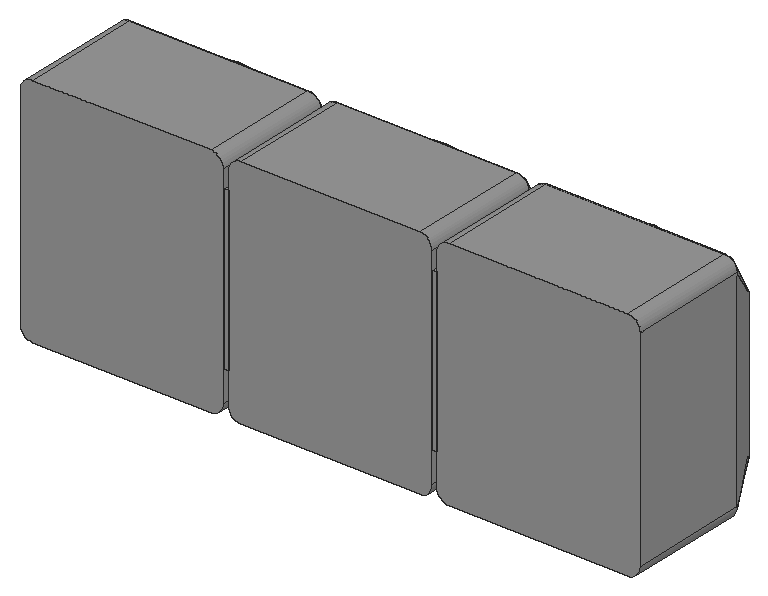
Revit family "IEK_РозеткаСетевая_ОткрытойУстановки_C ЗК с КР 16А трехместная IP54_ГЕРМЕС PLUS", category Электрические приборы, Revit 2019
Family settings
  Сохранять ориентацию аннотаций = Да
  Размер круглого соединителя = Использовать диаметр
  Тип детали = Нормальный
  На основе рабочей плоскости = Нет
  Всегда вертикально = Да
  При загрузке вырезать с полостями = Нет
  Общий = Нет
  Точка расчета площади = Нет
Parameters (values of type "РСб23-3-ГПБб")
  Ширина = 215 mm  # constant formula
  Тип монтажа = "Поверхность монтажа (открытая установка)"  # constant formula
  Степень защиты = "IP54"  # constant formula
  Материал крышки = Цвет белый
  Изготовитель = "IEK"  # constant formula
  Дата изменения = ""
  Глубина = 52 mm  # constant formula
  Высота = 72 mm  # constant formula
  ΔХ [instance] = 2000 mm
  ΔY [instance] = 2000 mm
  KSI_CPr_Строительные изделия = "20.4.03.04 20.4.03.05 20.4.03.06"  # constant formula
  KSI_CMa_Строительные материалы = "01.7.14.03"  # constant formula
  IEK_Цена за единицу = 969.94  # constant formula
  IEK_Поиск в таблице имен = ""
  IEK_Описание = "Изделия серии \"ГЕРМЕС PLUS\" используются в помещениях с повышенной влажностью или запыленностью, а также под навесом на открытом воздухе."
  IEK_URL = "https://www.iek.ru/products/catalog/izdeliya_elektroustanovochnye_udliniteli_i_silovye_razemy/elektroustanovochnye_izdeliya/elektroustanovochnye_izdeliya_otkrytogo_montazha_ip44_ip54/elektroustanovochnye_izdeliya_germes_plus/rozetka_3_mestnaya_dlya_otkrytoy_ustanovki_rsb23_3_gpbb_s_zazemlyayushchim_kontaktom_ip54_germes_plus_belyy_iek"
  ADSK_Ток [instance] = 16 A  # constant formula
  ADSK_Примечание = ""
  ADSK_Полная мощность [instance] = ADSK_Номинальная мощность / ADSK_Коэффициент мощности  # 3520 VA
  ADSK_Позиция [instance] = ""
  ADSK_Номинальная мощность [instance] = ADSK_Ток * ADSK_Напряжение * sqrt(ADSK_Количество фаз числовое) * ADSK_Коэффициент мощности  # 3520 W
  ADSK_Напряжение = 220 V
  ADSK_Наименование = "Розетка 3-местная для открытой установки РСб23-3-ГПБб с заземляющим контактом IP54 ГЕРМЕС PLUS белый IEK"
  ADSK_Материал обозначение = ""
  ADSK_Материал наименование = "Пластик"  # constant formula
  ADSK_Материал = Цвет белый
  ADSK_Масса = 0.4  # constant formula
  ADSK_Марка = "ГЕРМЕС PLUS"  # constant formula
  ADSK_Коэффициент мощности [instance] = 1  # constant formula
  ADSK_Количество фаз числовое = 1
  ADSK_Количество фаз = 1
  ADSK_Код изделия = "ERMP32-K01-16-54-EC"
  ADSK_Классификация нагрузок [instance] = Прочее
  ADSK_Завод-изготовитель = "IEK"  # constant formula
  ADSK_Единица измерения = "шт"  # constant formula
  ADSK_Группирование = "III ЭЛЕКТРОУСТАНОВОЧНЫЕ И ЭЛЕКТРОМОНТАЖНЫЕ ИЗДЕЛИЯ"  # constant formula
  ADSK_Версия семейства = "1.0"  # constant formula
  ADSK_Версия Revit = "2019"  # constant formula
  ADSK_URL страницы изделия = "https://www.iek.ru/products/catalog/izdeliya_elektroustanovochnye_udliniteli_i_silovye_razemy/elektroustanovochnye_izdeliya/elektroustanovochnye_izdeliya_otkrytogo_montazha_ip44_ip54/elektroustanovochnye_izdeliya_germes_plus/?pagec=100"
Types (3, lengths in mm): name | Материал крышки | IEK_URL | ADSK_Наименование | ADSK_Код изделия
  (no name) | Цвет белый | "https://www.iek.ru/products/catalog/izdeliya_elektroustanovochnye_udliniteli_i_silovye_razemy/elektroustanovochnye_izdeliya/elektroustanovochnye_izdeliya_otkrytogo_montazha_ip44_ip54/elektroustanovochnye_izdeliya_germes_plus/rozetka_3_mestnaya_dlya_otkrytoy_ustanovki_rsb23_3_gpbb_s_zazemlyayushchim_kontaktom_ip54_germes_plus_belyy_iek" | "Розетка 3-местная для открытой установки РСб23-3-ГПБб с заземляющим контактом IP54 ГЕРМЕС PLUS белый IEK" | "ERMP32-K01-16-54-EC"
  РСб23-3-ГПБб | Цвет белый | "https://www.iek.ru/products/catalog/izdeliya_elektroustanovochnye_udliniteli_i_silovye_razemy/elektroustanovochnye_izdeliya/elektroustanovochnye_izdeliya_otkrytogo_montazha_ip44_ip54/elektroustanovochnye_izdeliya_germes_plus/rozetka_3_mestnaya_dlya_otkrytoy_ustanovki_rsb23_3_gpbb_s_zazemlyayushchim_kontaktom_ip54_germes_plus_belyy_iek" | "Розетка 3-местная для открытой установки РСб23-3-ГПБб с заземляющим контактом IP54 ГЕРМЕС PLUS белый IEK" | "ERMP32-K01-16-54-EC"
  РСб23-3-ГПБд | Цвет дымчатый | "https://www.iek.ru/products/catalog/izdeliya_elektroustanovochnye_udliniteli_i_silovye_razemy/elektroustanovochnye_izdeliya/elektroustanovochnye_izdeliya_otkrytogo_montazha_ip44_ip54/elektroustanovochnye_izdeliya_germes_plus/rozetka_3_mestnaya_dlya_otkrytoy_ustanovki_rsb23_3_gpbd_s_zazemlyayushchim_kontaktom_ip54_germes_plus_tsvet_kryshki_dymchatyy_iek" | "Розетка 3-местная для открытой установки РСб23-3-ГПБд с заземляющим контактом IP54 ГЕРМЕС PLUS (цвет крышки: дымчатый) IEK" | "ERMP32-K03-16-54-EC"
Reference planes
  plane 1 "По центру (Вперед/Назад)": y = 0
  plane 2: z = 0
  plane 3 "По центру (Влево/Вправо)": x = 0
  plane 4 "Высота ножек": z = 280
  plane 5 "Высота": z = 2081.496
  plane 6: x = -2000
  plane 7: y = 2000
Forms (mm)
  Extrusion 1, void
    sketch origin (0, 0, 37.5) x (1, 0, 0) y (0, 0, -1)
      loop
        arc (-16.762, -9.964) -> (-0.012, -19.5) -> (16.75, -9.984) r 19.5
        line (16.75, -9.984) -> (16.75, -2.25) -> (19.37, -2.25)
        arc (19.37, -2.25) -> (19.5, 0) -> (19.37, 2.25) r 19.5
        line (19.37, 2.25) -> (16.75, 2.25) -> (16.75, 9.984)
        arc (16.75, 9.984) -> (0, 19.5) -> (-16.75, 9.984) r 19.5
        line (-16.75, 9.984) -> (-16.75, 2.25) -> (-19.37, 2.25)
        arc (-19.37, 2.25) -> (-19.5, 0) -> (-19.37, -2.25) r 19.5
        line (-19.37, -2.25) -> (-16.75, -2.25) -> (-16.762, -9.964)
    from 26.4 to 46.099
  Extrusion 2, void
    sketch origin (0, 0, 37.5) x (1, 0, 0) y (0, 0, -1)
      loop
        circle (-9.525, 0) r 2.758
      loop
        circle (9.525, 0) r 2.758
    from 26.4 to 5.7
  Extrusion 3, solid, material "Цвет белый" <- "ADSK_Материал", detail levels fine
    sketch origin (0, 0, 37.5) x (1, 0, 0) y (0, 0, -1)
      loop
        line (-32.5, 33.5) -> (-32.5, -33.45)
        arc (-32.5, -33.45) -> (-31.314, -36.314) -> (-28.45, -37.5) r 4.05
        line (-28.45, -37.5) -> (28.5, -37.5)
        arc (28.5, -37.5) -> (31.328, -36.328) -> (32.5, -33.5) r 4
        line (32.5, -33.5) -> (32.5, 33.5)
        arc (32.5, 33.5) -> (31.328, 36.328) -> (28.5, 37.5) r 4
        line (28.5, 37.5) -> (-28.5, 37.5)
        arc (-28.5, 37.5) -> (-31.328, 36.328) -> (-32.5, 33.5) r 4
    from 0 to 38.682
  Blend 4, solid, material "Цвет белый" <- "ADSK_Материал", detail levels fine
    base sketch origin (0, 0, 37.5) x (1, 0, 0) y (0, 0, -1)
      loop
        line (-32.5, 33.5) -> (-32.5, -33.5)
        arc (-32.5, -33.5) -> (-31.328, -36.328) -> (-28.5, -37.5) r 4
        line (-28.5, -37.5) -> (28.5, -37.5)
        arc (28.5, -37.5) -> (31.328, -36.328) -> (32.5, -33.5) r 4
        line (32.5, -33.5) -> (32.5, 33.5)
        arc (32.5, 33.5) -> (31.328, 36.328) -> (28.5, 37.5) r 4
        line (28.5, 37.5) -> (-28.5, 37.5)
        arc (-28.5, 37.5) -> (-31.328, 36.328) -> (-32.5, 33.5) r 4
    top sketch origin (0, 0, 37.5) x (1, 0, 0) y (0, 0, -1)
      loop
        line (-30.1, 23.034) -> (-30.1, -24.041)
        arc (-30.1, -24.041) -> (-29.819, -24.719) -> (-29.141, -25) r 0.959
        line (-29.141, -25) -> (29.141, -25)
        arc (29.141, -25) -> (29.819, -24.719) -> (30.1, -24.041) r 0.959
        line (30.1, -24.041) -> (30.1, 23.034)
        arc (30.1, 23.034) -> (29.819, 23.712) -> (29.141, 23.993) r 0.959
        line (29.141, 23.993) -> (-29.141, 23.993)
        arc (-29.141, 23.993) -> (-29.819, 23.712) -> (-30.1, 23.034) r 0.959
    from 38.682 to 46.099
  Extrusion 5, void
    sketch origin (0, 0, 39.041) x (1, 0, 0) y (0, 0, -1)
      loop
        arc (-28.5, -24.189) -> (-27.914, -25.603) -> (-26.5, -26.189) r 2
        line (-26.5, -26.189) -> (26.5, -26.189)
        arc (26.5, -26.189) -> (27.914, -25.603) -> (28.5, -24.189) r 2
        line (28.5, -24.189) -> (28.5, 37.041)
        arc (28.5, 37.041) -> (27.914, 38.456) -> (26.5, 39.041) r 2
        line (26.5, 39.041) -> (-26.5, 39.041)
        arc (-26.5, 39.041) -> (-27.914, 38.456) -> (-28.5, 37.041) r 2
        line (-28.5, 37.041) -> (-28.5, -24.189)
      loop
        line (5, 26.541) -> (-5, 26.541) -> (-15.069, 16.168)
        arc (-15.069, 16.168) -> (-21, 1.541) -> (-15.069, -13.085) r 21
        line (-15.069, -13.085) -> (-5, -23.459) -> (5, -23.459) -> (15.069, -13.085)
        arc (15.069, -13.085) -> (21, 1.541) -> (15.069, 16.168) r 21
        line (15.069, 16.168) -> (5, 26.541)
    from 38.682 to 46.099
  Extrusion 6, void
    sketch origin (0, 0, 37.5) x (1, 0, 0) y (0, 0, -1)
      loop
        line (-22.764, -27) -> (-14.278, -27)
        arc (-14.278, -27) -> (0, -32.5) -> (14.278, -27) r 21.282
        line (14.278, -27) -> (22.764, -27) -> (22.764, 26.4) -> (-22.764, 26.4) -> (-22.764, -27)
    from 43.6 to 46.099
  Extrusion 7, solid, material "Цвет белый" <- "Материал крышки", detail levels fine
    sketch origin (0, 0, 37.5) x (0, 0, -1) y (0, 1, 0)
      loop
        line (23.993, 46.099) -> (-27, 46.099) -> (-27, 45.121) -> (23.993, 45.121) -> (35.72, 38.682) -> (37.5, 38.682) -> (23.993, 46.099)
    from -28 to 28
  Extrusion 8, solid, material "Цвет белый" <- "Материал крышки", detail levels fine
    sketch origin (0, 0, 37.5) x (1, 0, 0) y (0, 0, -1)
      loop
        arc (-14.278, -27) -> (0, -32.5) -> (14.278, -27) r 21.282
        line (14.278, -27) -> (-14.278, -27)
    from 45.121 to 46.099
  Blend 9, solid, material "Цвет белый" <- "ADSK_Материал", detail levels fine
    base sketch origin (66.5, 0, 37.5) x (1, 0, 0) y (0, 0, -1)
      loop
        line (-32.5, 33.5) -> (-32.5, -33.5)
        arc (-32.5, -33.5) -> (-31.328, -36.328) -> (-28.5, -37.5) r 4
        line (-28.5, -37.5) -> (28.5, -37.5)
        arc (28.5, -37.5) -> (31.328, -36.328) -> (32.5, -33.5) r 4
        line (32.5, -33.5) -> (32.5, 33.5)
        arc (32.5, 33.5) -> (31.328, 36.328) -> (28.5, 37.5) r 4
        line (28.5, 37.5) -> (-28.5, 37.5)
        arc (-28.5, 37.5) -> (-31.328, 36.328) -> (-32.5, 33.5) r 4
    top sketch origin (66.5, 0, 37.5) x (1, 0, 0) y (0, 0, -1)
      loop
        line (-30.1, 23.034) -> (-30.1, -24.041)
        arc (-30.1, -24.041) -> (-29.819, -24.719) -> (-29.141, -25) r 0.959
        line (-29.141, -25) -> (29.141, -25)
        arc (29.141, -25) -> (29.819, -24.719) -> (30.1, -24.041) r 0.959
        line (30.1, -24.041) -> (30.1, 23.034)
        arc (30.1, 23.034) -> (29.819, 23.712) -> (29.141, 23.993) r 0.959
        line (29.141, 23.993) -> (-29.141, 23.993)
        arc (-29.141, 23.993) -> (-29.819, 23.712) -> (-30.1, 23.034) r 0.959
    from 38.682 to 46.099
  Extrusion 10, solid, material "Цвет белый" <- "ADSK_Материал", detail levels fine
    sketch origin (-66.5, 0, 37.5) x (1, 0, 0) y (0, 0, -1)
      loop
        line (-32.5, 33.5) -> (-32.5, -33.45)
        arc (-32.5, -33.45) -> (-31.314, -36.314) -> (-28.45, -37.5) r 4.05
        line (-28.45, -37.5) -> (28.5, -37.5)
        arc (28.5, -37.5) -> (31.328, -36.328) -> (32.5, -33.5) r 4
        line (32.5, -33.5) -> (32.5, 33.5)
        arc (32.5, 33.5) -> (31.328, 36.328) -> (28.5, 37.5) r 4
        line (28.5, 37.5) -> (-28.5, 37.5)
        arc (-28.5, 37.5) -> (-31.328, 36.328) -> (-32.5, 33.5) r 4
    from 0 to 38.682
  Blend 11, solid, material "Цвет белый" <- "ADSK_Материал", detail levels fine
    base sketch origin (-66.5, 0, 37.5) x (1, 0, 0) y (0, 0, -1)
      loop
        line (-32.5, 33.5) -> (-32.5, -33.5)
        arc (-32.5, -33.5) -> (-31.328, -36.328) -> (-28.5, -37.5) r 4
        line (-28.5, -37.5) -> (28.5, -37.5)
        arc (28.5, -37.5) -> (31.328, -36.328) -> (32.5, -33.5) r 4
        line (32.5, -33.5) -> (32.5, 33.5)
        arc (32.5, 33.5) -> (31.328, 36.328) -> (28.5, 37.5) r 4
        line (28.5, 37.5) -> (-28.5, 37.5)
        arc (-28.5, 37.5) -> (-31.328, 36.328) -> (-32.5, 33.5) r 4
    top sketch origin (-66.5, 0, 37.5) x (1, 0, 0) y (0, 0, -1)
      loop
        line (-30.1, 23.034) -> (-30.1, -24.041)
        arc (-30.1, -24.041) -> (-29.819, -24.719) -> (-29.141, -25) r 0.959
        line (-29.141, -25) -> (29.141, -25)
        arc (29.141, -25) -> (29.819, -24.719) -> (30.1, -24.041) r 0.959
        line (30.1, -24.041) -> (30.1, 23.034)
        arc (30.1, 23.034) -> (29.819, 23.712) -> (29.141, 23.993) r 0.959
        line (29.141, 23.993) -> (-29.141, 23.993)
        arc (-29.141, 23.993) -> (-29.819, 23.712) -> (-30.1, 23.034) r 0.959
    from 38.682 to 46.099
  Extrusion 12, solid, material "Цвет белый" <- "ADSK_Материал", detail levels fine
    sketch origin (66.5, 0, 37.5) x (1, 0, 0) y (0, 0, -1)
      loop
        line (-32.5, 33.5) -> (-32.5, -33.45)
        arc (-32.5, -33.45) -> (-31.314, -36.314) -> (-28.45, -37.5) r 4.05
        line (-28.45, -37.5) -> (28.5, -37.5)
        arc (28.5, -37.5) -> (31.328, -36.328) -> (32.5, -33.5) r 4
        line (32.5, -33.5) -> (32.5, 33.5)
        arc (32.5, 33.5) -> (31.328, 36.328) -> (28.5, 37.5) r 4
        line (28.5, 37.5) -> (-28.5, 37.5)
        arc (-28.5, 37.5) -> (-31.328, 36.328) -> (-32.5, 33.5) r 4
    from 0 to 38.682
  Extrusion 13, void
    sketch origin (66.524, 0, 37.5) x (1, 0, 0) y (0, 0, -1)
      loop
        arc (-16.762, -9.964) -> (-0.012, -19.5) -> (16.75, -9.984) r 19.5
        line (16.75, -9.984) -> (16.75, -2.25) -> (19.37, -2.25)
        arc (19.37, -2.25) -> (19.5, 0) -> (19.37, 2.25) r 19.5
        line (19.37, 2.25) -> (16.75, 2.25) -> (16.75, 9.984)
        arc (16.75, 9.984) -> (0, 19.5) -> (-16.75, 9.984) r 19.5
        line (-16.75, 9.984) -> (-16.75, 2.25) -> (-19.37, 2.25)
        arc (-19.37, 2.25) -> (-19.5, 0) -> (-19.37, -2.25) r 19.5
        line (-19.37, -2.25) -> (-16.75, -2.25) -> (-16.762, -9.964)
    from 26.4 to 46.099
  Extrusion 14, void
    sketch origin (66.524, 0, 37.5) x (1, 0, 0) y (0, 0, -1)
      loop
        circle (-9.525, 0) r 2.758
      loop
        circle (9.525, 0) r 2.758
    from 26.4 to 5.7
  Extrusion 15, void
    sketch origin (-66.5, 0, 37.5) x (1, 0, 0) y (0, 0, -1)
      loop
        arc (-16.762, -9.964) -> (-0.012, -19.5) -> (16.75, -9.984) r 19.5
        line (16.75, -9.984) -> (16.75, -2.25) -> (19.37, -2.25)
        arc (19.37, -2.25) -> (19.5, 0) -> (19.37, 2.25) r 19.5
        line (19.37, 2.25) -> (16.75, 2.25) -> (16.75, 9.984)
        arc (16.75, 9.984) -> (0, 19.5) -> (-16.75, 9.984) r 19.5
        line (-16.75, 9.984) -> (-16.75, 2.25) -> (-19.37, 2.25)
        arc (-19.37, 2.25) -> (-19.5, 0) -> (-19.37, -2.25) r 19.5
        line (-19.37, -2.25) -> (-16.75, -2.25) -> (-16.762, -9.964)
    from 26.4 to 46.099
  Extrusion 16, void
    sketch origin (-66.5, 0, 37.5) x (1, 0, 0) y (0, 0, -1)
      loop
        circle (-9.525, 0) r 2.758
      loop
        circle (9.525, 0) r 2.758
    from 26.4 to 5.7
  Extrusion 17, void
    sketch origin (66.5, 0, 39.041) x (1, 0, 0) y (0, 0, -1)
      loop
        arc (-28.5, -24.189) -> (-27.914, -25.603) -> (-26.5, -26.189) r 2
        line (-26.5, -26.189) -> (26.5, -26.189)
        arc (26.5, -26.189) -> (27.914, -25.603) -> (28.5, -24.189) r 2
        line (28.5, -24.189) -> (28.5, 37.041)
        arc (28.5, 37.041) -> (27.914, 38.456) -> (26.5, 39.041) r 2
        line (26.5, 39.041) -> (-26.5, 39.041)
        arc (-26.5, 39.041) -> (-27.914, 38.456) -> (-28.5, 37.041) r 2
        line (-28.5, 37.041) -> (-28.5, -24.189)
      loop
        line (5, 26.541) -> (-5, 26.541) -> (-15.069, 16.168)
        arc (-15.069, 16.168) -> (-21, 1.541) -> (-15.069, -13.085) r 21
        line (-15.069, -13.085) -> (-5, -23.459) -> (5, -23.459) -> (15.069, -13.085)
        arc (15.069, -13.085) -> (21, 1.541) -> (15.069, 16.168) r 21
        line (15.069, 16.168) -> (5, 26.541)
    from 38.682 to 46.099
  Extrusion 18, void
    sketch origin (-66.5, 0, 39.041) x (1, 0, 0) y (0, 0, -1)
      loop
        arc (-28.5, -24.189) -> (-27.914, -25.603) -> (-26.5, -26.189) r 2
        line (-26.5, -26.189) -> (26.5, -26.189)
        arc (26.5, -26.189) -> (27.914, -25.603) -> (28.5, -24.189) r 2
        line (28.5, -24.189) -> (28.5, 37.041)
        arc (28.5, 37.041) -> (27.914, 38.456) -> (26.5, 39.041) r 2
        line (26.5, 39.041) -> (-26.5, 39.041)
        arc (-26.5, 39.041) -> (-27.914, 38.456) -> (-28.5, 37.041) r 2
        line (-28.5, 37.041) -> (-28.5, -24.189)
      loop
        line (5, 26.541) -> (-5, 26.541) -> (-15.069, 16.168)
        arc (-15.069, 16.168) -> (-21, 1.541) -> (-15.069, -13.085) r 21
        line (-15.069, -13.085) -> (-5, -23.459) -> (5, -23.459) -> (15.069, -13.085)
        arc (15.069, -13.085) -> (21, 1.541) -> (15.069, 16.168) r 21
        line (15.069, 16.168) -> (5, 26.541)
    from 38.682 to 46.099
  Extrusion 19, void
    sketch origin (-66.5, 0, 37.5) x (1, 0, 0) y (0, 0, -1)
      loop
        line (-22.764, -27) -> (-14.278, -27)
        arc (-14.278, -27) -> (0, -32.5) -> (14.278, -27) r 21.282
        line (14.278, -27) -> (22.764, -27) -> (22.764, 26.4) -> (-22.764, 26.4) -> (-22.764, -27)
    from 43.6 to 46.099
  Extrusion 20, void
    sketch origin (66.5, 0, 37.5) x (-1, 0, 0) y (0, 0, 1)
      loop
        line (-22.764, 27) -> (-22.764, -26.4) -> (22.764, -26.4) -> (22.764, 27) -> (14.278, 27)
        arc (14.278, 27) -> (0, 32.5) -> (-14.278, 27) r 21.282
        line (-14.278, 27) -> (-22.764, 27)
    from 43.6 to 46.099
  Extrusion 21, solid, material "Цвет белый" <- "Материал крышки", detail levels fine
    sketch origin (66.5, 0, 37.5) x (0, 0, -1) y (0, 1, 0)
      loop
        line (23.993, 46.099) -> (-27, 46.099) -> (-27, 45.121) -> (23.993, 45.121) -> (35.72, 38.682) -> (37.5, 38.682) -> (23.993, 46.099)
    from -28 to 28
  Extrusion 22, solid, material "Цвет белый" <- "Материал крышки", detail levels fine
    sketch origin (66.5, 0, 37.5) x (1, 0, 0) y (0, 0, -1)
      loop
        arc (-14.278, -27) -> (0, -32.5) -> (14.278, -27) r 21.282
        line (14.278, -27) -> (-14.278, -27)
    from 45.121 to 46.099
  Extrusion 23, solid, material "Цвет белый" <- "Материал крышки", detail levels fine
    sketch origin (-66.5, 0, 37.5) x (0, 0, -1) y (0, 1, 0)
      loop
        line (23.993, 46.099) -> (-27, 46.099) -> (-27, 45.121) -> (23.993, 45.121) -> (35.72, 38.682) -> (37.5, 38.682) -> (23.993, 46.099)
    from -28 to 28
  Extrusion 24, solid, material "Цвет белый" <- "Материал крышки", detail levels fine
    sketch origin (-66.5, 0, 37.5) x (1, 0, 0) y (0, 0, -1)
      loop
        arc (-14.278, -27) -> (0, -32.5) -> (14.278, -27) r 21.282
        line (14.278, -27) -> (-14.278, -27)
    from 45.121 to 46.099
  Extrusion 25, solid, material "Цвет белый" <- "ADSK_Материал", detail levels fine
    sketch origin (0, 0, 37.5) x (1, 0, 0) y (0, 0, -1)
      loop
        line (-34, 23.556) -> (-34, -27.975) -> (-32.5, -27.975) -> (-32.5, 23.556) -> (-34, 23.556)
    from 0 to 15
  Extrusion 26, solid, material "Цвет белый" <- "ADSK_Материал", detail levels fine
    sketch origin (0, 0, 37.5) x (-1, 0, 0) y (0, 0, 1)
      loop
        line (-34, -23.556) -> (-32.5, -23.556) -> (-32.5, 27.975) -> (-34, 27.975) -> (-34, -23.556)
    from 0 to 15
  Extrusion 27, solid, detail levels coarse
    sketch origin (0, 0, 0) x (1, 0, 0) y (0, 1, 0)
      loop
        line (-99, 0) -> (99, 0) -> (99, 46.099) -> (-99, 46.099) -> (-99, 0)
    from 0 to 75
  Extrusion 28, solid, detail levels medium
    sketch origin (0, 0, 0) x (1, 0, 0) y (0, 1, 0)
      loop
        line (-99, 46.099) -> (-99, 0) -> (99, 0) -> (99, 46.099) -> (-99, 46.099)
    from 0 to 75
Cuts and joins
  Extrusion 15, Extrusion 18, Extrusion 19 cuts Blend 11
  Extrusion 15, Extrusion 16 cuts Extrusion 10
  Extrusion 1, Extrusion 5, Extrusion 6 cuts Blend 4
  Extrusion 13, Extrusion 17, Extrusion 20 cuts Blend 9
  Extrusion 1, Extrusion 2 cuts Extrusion 3
  Extrusion 13, Extrusion 14 cuts Extrusion 12
Lines and regions (mm)
  reference lines
    curve 1: line (0, 44.647, 0) -> (0, -55.353, 0)
    curve 2: line (-23.829, 0, 0) -> (76.171, 0, 0)
Dimensions and locks
  locked: plane 4 "Высота ножек" to plane 2 at 280
  plane 5 "Высота" to plane 4 "Высота ножек" = 1801.496 mm
  "ΔХ": plane 6 to curve 1
  "ΔY": plane 7 to curve 2
  aligned and locked: level to plane 2
  aligned and locked: nested 1 to curve 1
  aligned and locked: curve 2 to nested 1
Automatic sketch dimensions
  Extrusion 1 sketch curve to Extrusion 1 sketch curve = 0 mm  (x14)
  Extrusion 1 sketch curve to plane 3 "По центру (Влево/Вправо)" = 0 mm
  Extrusion 1 sketch curve to plane 3 "По центру (Влево/Вправо)" = 16.75 mm
  Extrusion 1 sketch curve to Extrusion 1 sketch curve = 2.62 mm  (x4)
  plane 3 "По центру (Влево/Вправо)" to Extrusion 1 sketch curve = 16.75 mm
  level to Extrusion 1 sketch curve = 47.484 mm
  Extrusion 1 sketch curve to Extrusion 1 sketch curve = 7.734 mm  (x3)
  Extrusion 1 sketch curve to Extrusion 1 sketch curve = 2.25 mm
  Extrusion 1 sketch curve to Extrusion 1 sketch curve = 0.012 mm
  Extrusion 2 sketch curve to plane 3 "По центру (Влево/Вправо)" = 9.525 mm
  plane 3 "По центру (Влево/Вправо)" to Extrusion 2 sketch curve = 9.525 mm
  level to Extrusion 2 sketch curve = 37.5 mm
  Extrusion 2 sketch curve to Extrusion 2 sketch curve = 0 mm
  level to Extrusion 3 sketch curve = 4 mm  (x2)
  Extrusion 3 sketch curve to plane 3 "По центру (Влево/Вправо)" = 32.5 mm
  Extrusion 3 sketch curve to Extrusion 3 sketch curve = 4 mm
  Extrusion 3 sketch curve to Extrusion 3 sketch curve = 4.05 mm
  plane 3 "По центру (Влево/Вправо)" to Extrusion 3 sketch curve = 28.5 mm  (x2)
  level to Extrusion 3 sketch curve = 70.95 mm
  level to Blend 4 sketch curve = 4 mm  (x2)
  Blend 4 sketch curve to plane 3 "По центру (Влево/Вправо)" = 32.5 mm
  Blend 4 sketch curve to Blend 4 sketch curve = 4 mm  (x2)
  plane 3 "По центру (Влево/Вправо)" to Blend 4 sketch curve = 28.5 mm  (x2)
  level to Blend 4 sketch curve = 71 mm
  level to Blend 4 sketch curve = 14.466 mm  (x2)
  Blend 4 sketch curve to plane 3 "По центру (Влево/Вправо)" = 30.1 mm
  Blend 4 sketch curve to Blend 4 sketch curve = 0.959 mm  (x2)
  plane 3 "По центру (Влево/Вправо)" to Blend 4 sketch curve = 29.141 mm  (x2)
  Blend 4 sketch curve to Blend 4 sketch curve = 47.076 mm
  Extrusion 5 sketch curve to Extrusion 5 sketch curve = 0 mm  (x2)
  Extrusion 5 sketch curve to plane 3 "По центру (Влево/Вправо)" = 0 mm
  level to Extrusion 5 sketch curve = 12.5 mm
  Extrusion 5 sketch curve to plane 3 "По центру (Влево/Вправо)" = 5 mm  (x2)
  Extrusion 5 sketch curve to Extrusion 5 sketch curve = 10.069 mm  (x4)
  level to Extrusion 5 sketch curve = 22.874 mm  (x2)
  Extrusion 5 sketch curve to Extrusion 5 sketch curve = 11.431 mm  (x4)
  level to Extrusion 5 sketch curve = 2 mm
  Extrusion 5 sketch curve to Extrusion 5 sketch curve = 2 mm  (x2)
  plane 3 "По центру (Влево/Вправо)" to Extrusion 5 sketch curve = 5 mm  (x2)
  Extrusion 5 sketch curve to Extrusion 5 sketch curve = 14.626 mm
  Extrusion 5 sketch curve to Extrusion 5 sketch curve = 10.374 mm
  Extrusion 5 sketch curve to Extrusion 5 sketch curve = 11.104 mm
  Extrusion 6 sketch curve to plane 3 "По центру (Влево/Вправо)" = 0 mm
  Extrusion 6 sketch curve to plane 3 "По центру (Влево/Вправо)" = 14.278 mm
  level to Extrusion 6 sketch curve = 11.1 mm
  Extrusion 6 sketch curve to plane 3 "По центру (Влево/Вправо)" = 22.764 mm
  plane 3 "По центру (Влево/Вправо)" to Extrusion 6 sketch curve = 14.278 mm
  Extrusion 6 sketch curve to Extrusion 6 sketch curve = 8.486 mm
  level to Extrusion 6 sketch curve = 48.718 mm
  Extrusion 6 sketch curve to Extrusion 6 sketch curve = 15.782 mm
  Extrusion 7 sketch curve to plane 1 "По центру (Вперед/Назад)" = 46.099 mm
  level to Extrusion 7 sketch curve = 64.5 mm
  level to Extrusion 7 sketch curve = 13.507 mm  (x2)
  level to Extrusion 7 sketch curve = 1.78 mm
  Extrusion 7 sketch curve to Extrusion 7 sketch curve = 1.78 mm
  Extrusion 7 sketch curve to Extrusion 7 sketch curve = 0.977 mm
  Extrusion 7 sketch curve to Extrusion 7 sketch curve = 6.439 mm
  Extrusion 8 sketch curve to plane 3 "По центру (Влево/Вправо)" = 0 mm
  Extrusion 8 sketch curve to plane 3 "По центру (Влево/Вправо)" = 14.278 mm
  level to Extrusion 8 sketch curve = 64.5 mm
  Extrusion 8 sketch curve to Extrusion 8 sketch curve = 15.782 mm
  level to Blend 9 sketch curve = 4 mm  (x2)
  plane 3 "По центру (Влево/Вправо)" to Blend 9 sketch curve = 34 mm
  Blend 9 sketch curve to Blend 9 sketch curve = 4 mm  (x2)
  Blend 9 sketch curve to Blend 9 sketch curve = 57 mm  (x2)
  level to Blend 9 sketch curve = 71 mm
  level to Blend 9 sketch curve = 14.466 mm  (x2)
  plane 3 "По центру (Влево/Вправо)" to Blend 9 sketch curve = 36.4 mm
  Blend 9 sketch curve to Blend 9 sketch curve = 0.959 mm  (x2)
  Blend 9 sketch curve to Blend 9 sketch curve = 58.283 mm
  Blend 9 sketch curve to Blend 9 sketch curve = 0 mm
  Blend 9 sketch curve to Blend 9 sketch curve = 47.076 mm
  level to Extrusion 10 sketch curve = 4 mm  (x2)
  Extrusion 10 sketch curve to plane 3 "По центру (Влево/Вправо)" = 99 mm
  Extrusion 10 sketch curve to Extrusion 10 sketch curve = 4 mm
  Extrusion 10 sketch curve to Extrusion 10 sketch curve = 4.05 mm
  Extrusion 10 sketch curve to plane 3 "По центру (Влево/Вправо)" = 38 mm  (x2)
  level to Extrusion 10 sketch curve = 70.95 mm
  level to Blend 11 sketch curve = 4 mm  (x2)
  Blend 11 sketch curve to plane 3 "По центру (Влево/Вправо)" = 99 mm
  Blend 11 sketch curve to Blend 11 sketch curve = 4 mm  (x2)
  Blend 11 sketch curve to plane 3 "По центру (Влево/Вправо)" = 38 mm  (x2)
  level to Blend 11 sketch curve = 71 mm
  level to Blend 11 sketch curve = 14.466 mm  (x2)
  Blend 11 sketch curve to plane 3 "По центру (Влево/Вправо)" = 96.6 mm
  Blend 11 sketch curve to Blend 11 sketch curve = 0.959 mm  (x2)
  Blend 11 sketch curve to plane 3 "По центру (Влево/Вправо)" = 37.359 mm  (x2)
  Blend 11 sketch curve to Blend 11 sketch curve = 47.076 mm
  level to Extrusion 12 sketch curve = 4 mm  (x2)
  plane 3 "По центру (Влево/Вправо)" to Extrusion 12 sketch curve = 34 mm
  Extrusion 12 sketch curve to Extrusion 12 sketch curve = 4 mm
  Extrusion 12 sketch curve to Extrusion 12 sketch curve = 4.05 mm
  Extrusion 12 sketch curve to Extrusion 12 sketch curve = 56.95 mm
  Extrusion 12 sketch curve to Extrusion 12 sketch curve = 57 mm
  level to Extrusion 12 sketch curve = 70.95 mm
  Extrusion 13 sketch curve to Extrusion 13 sketch curve = 0 mm  (x14)
  level to Extrusion 13 sketch curve = 39.75 mm  (x2)
  plane 3 "По центру (Влево/Вправо)" to Extrusion 13 sketch curve = 47.155 mm
  Extrusion 13 sketch curve to Extrusion 13 sketch curve = 2.62 mm  (x4)
  Extrusion 13 sketch curve to Extrusion 13 sketch curve = 16.75 mm  (x2)
  Extrusion 13 sketch curve to Extrusion 13 sketch curve = 7.734 mm  (x2)
  Extrusion 13 sketch curve to Extrusion 13 sketch curve = 2.25 mm
  Extrusion 13 sketch curve to Extrusion 13 sketch curve = 0.012 mm
  level to Extrusion 14 sketch curve = 37.5 mm
  plane 3 "По центру (Влево/Вправо)" to Extrusion 14 sketch curve = 57 mm
  Extrusion 14 sketch curve to Extrusion 14 sketch curve = 19.049 mm
  Extrusion 14 sketch curve to Extrusion 14 sketch curve = 0 mm
  Extrusion 15 sketch curve to Extrusion 15 sketch curve = 0 mm  (x14)
  level to Extrusion 15 sketch curve = 39.75 mm  (x2)
  Extrusion 15 sketch curve to plane 3 "По центру (Влево/Вправо)" = 85.87 mm
  Extrusion 15 sketch curve to Extrusion 15 sketch curve = 2.62 mm  (x4)
  Extrusion 15 sketch curve to Extrusion 15 sketch curve = 16.75 mm  (x2)
  Extrusion 15 sketch curve to Extrusion 15 sketch curve = 7.734 mm  (x2)
  Extrusion 15 sketch curve to Extrusion 15 sketch curve = 2.25 mm
  Extrusion 15 sketch curve to Extrusion 15 sketch curve = 0.012 mm
  level to Extrusion 16 sketch curve = 37.5 mm
  Extrusion 16 sketch curve to plane 3 "По центру (Влево/Вправо)" = 76.025 mm
  Extrusion 16 sketch curve to Extrusion 16 sketch curve = 19.049 mm
  Extrusion 16 sketch curve to Extrusion 16 sketch curve = 0 mm
  Extrusion 17 sketch curve to Extrusion 17 sketch curve = 0 mm  (x2)
  plane 3 "По центру (Влево/Вправо)" to Extrusion 17 sketch curve = 38 mm
  Extrusion 17 sketch curve to Extrusion 17 sketch curve = 2 mm  (x3)
  level to Extrusion 17 sketch curve = 22.874 mm  (x2)
  Extrusion 17 sketch curve to Extrusion 17 sketch curve = 11.431 mm  (x4)
  level to Extrusion 17 sketch curve = 52.126 mm  (x2)
  level to Extrusion 17 sketch curve = 12.5 mm
  Extrusion 17 sketch curve to Extrusion 17 sketch curve = 10.069 mm  (x3)
  Extrusion 17 sketch curve to Extrusion 17 sketch curve = 15.069 mm
  Extrusion 17 sketch curve to Extrusion 17 sketch curve = 10 mm  (x2)
  Extrusion 17 sketch curve to Extrusion 17 sketch curve = 10.374 mm
  Extrusion 17 sketch curve to Extrusion 17 sketch curve = 11.104 mm
  level to Extrusion 17 sketch curve = 2 mm
  Extrusion 18 sketch curve to Extrusion 18 sketch curve = 0 mm  (x2)
  Extrusion 18 sketch curve to plane 3 "По центру (Влево/Вправо)" = 95 mm
  Extrusion 18 sketch curve to Extrusion 18 sketch curve = 2 mm  (x3)
  level to Extrusion 18 sketch curve = 22.874 mm  (x2)
  Extrusion 18 sketch curve to Extrusion 18 sketch curve = 11.431 mm  (x4)
  level to Extrusion 18 sketch curve = 52.126 mm
  level to Extrusion 18 sketch curve = 12.5 mm
  Extrusion 18 sketch curve to Extrusion 18 sketch curve = 10.069 mm  (x4)
  Extrusion 18 sketch curve to Extrusion 18 sketch curve = 15.069 mm
  Extrusion 18 sketch curve to Extrusion 18 sketch curve = 10 mm  (x2)
  Extrusion 18 sketch curve to Extrusion 18 sketch curve = 10.374 mm
  Extrusion 18 sketch curve to Extrusion 18 sketch curve = 11.104 mm
  level to Extrusion 18 sketch curve = 2 mm
  level to Extrusion 19 sketch curve = 64.5 mm
  Extrusion 19 sketch curve to plane 3 "По центру (Влево/Вправо)" = 89.264 mm
  Extrusion 19 sketch curve to Extrusion 19 sketch curve = 8.486 mm  (x2)
  Extrusion 19 sketch curve to Extrusion 19 sketch curve = 14.278 mm  (x2)
  Extrusion 19 sketch curve to Extrusion 19 sketch curve = 15.782 mm
  level to Extrusion 19 sketch curve = 11.1 mm
  level to Extrusion 20 sketch curve = 64.5 mm
  plane 3 "По центру (Влево/Вправо)" to Extrusion 20 sketch curve = 89.264 mm
  Extrusion 20 sketch curve to Extrusion 20 sketch curve = 8.486 mm  (x2)
  Extrusion 20 sketch curve to Extrusion 20 sketch curve = 14.278 mm  (x2)
  Extrusion 20 sketch curve to Extrusion 20 sketch curve = 15.782 mm
  level to Extrusion 20 sketch curve = 11.1 mm
  Extrusion 21 sketch curve to plane 1 "По центру (Вперед/Назад)" = 46.099 mm
  level to Extrusion 21 sketch curve = 64.5 mm
  level to Extrusion 21 sketch curve = 13.507 mm  (x2)
  level to Extrusion 21 sketch curve = 1.78 mm
  Extrusion 21 sketch curve to Extrusion 21 sketch curve = 1.78 mm
  Extrusion 21 sketch curve to Extrusion 21 sketch curve = 0.977 mm
  Extrusion 21 sketch curve to Extrusion 21 sketch curve = 6.439 mm
  plane 3 "По центру (Влево/Вправо)" to Extrusion 22 sketch curve = 52.222 mm
  Extrusion 22 sketch curve to Extrusion 22 sketch curve = 14.278 mm
  level to Extrusion 22 sketch curve = 64.5 mm
  Extrusion 22 sketch curve to Extrusion 22 sketch curve = 15.782 mm
  Extrusion 23 sketch curve to plane 1 "По центру (Вперед/Назад)" = 46.099 mm
  level to Extrusion 23 sketch curve = 64.5 mm
  level to Extrusion 23 sketch curve = 13.507 mm  (x2)
  level to Extrusion 23 sketch curve = 1.78 mm
  Extrusion 23 sketch curve to Extrusion 23 sketch curve = 1.78 mm
  Extrusion 23 sketch curve to Extrusion 23 sketch curve = 0.977 mm
  Extrusion 23 sketch curve to Extrusion 23 sketch curve = 6.439 mm
  Extrusion 24 sketch curve to plane 3 "По центру (Влево/Вправо)" = 80.778 mm
  Extrusion 24 sketch curve to Extrusion 24 sketch curve = 14.278 mm
  level to Extrusion 24 sketch curve = 64.5 mm
  Extrusion 24 sketch curve to Extrusion 24 sketch curve = 15.782 mm
  Extrusion 25 sketch curve to plane 3 "По центру (Влево/Вправо)" = 34 mm
  Extrusion 25 sketch curve to Extrusion 25 sketch curve = 1.5 mm
  level to Extrusion 25 sketch curve = 65.475 mm
  level to Extrusion 25 sketch curve = 13.944 mm
  plane 3 "По центру (Влево/Вправо)" to Extrusion 26 sketch curve = 34 mm
  Extrusion 26 sketch curve to Extrusion 26 sketch curve = 1.5 mm
  level to Extrusion 26 sketch curve = 13.944 mm
  level to Extrusion 26 sketch curve = 65.475 mm
  plane 1 "По центру (Вперед/Назад)" to Extrusion 27 sketch curve = 0 mm
  Extrusion 27 sketch curve to plane 1 "По центру (Вперед/Назад)" = 46.099 mm
  Extrusion 27 sketch curve to plane 3 "По центру (Влево/Вправо)" = 99 mm
  plane 3 "По центру (Влево/Вправо)" to Extrusion 27 sketch curve = 99 mm
  plane 1 "По центру (Вперед/Назад)" to Extrusion 28 sketch curve = 0 mm
  Extrusion 28 sketch curve to plane 3 "По центру (Влево/Вправо)" = 99 mm
  plane 3 "По центру (Влево/Вправо)" to Extrusion 28 sketch curve = 99 mm
  Extrusion 28 sketch curve to plane 1 "По центру (Вперед/Назад)" = 46.099 mm
  curve 2 to plane 3 "По центру (Влево/Вправо)" = 23.829 mm
  plane 3 "По центру (Влево/Вправо)" to curve 2 = 76.171 mm
  plane 1 "По центру (Вперед/Назад)" to curve 1 = 55.353 mm
  curve 1 to plane 1 "По центру (Вперед/Назад)" = 44.647 mm
  radius of Extrusion 2 sketch curve = 2.758 mm  (x2)
  radius of Extrusion 14 sketch curve = 2.758 mm  (x2)
  radius of Extrusion 16 sketch curve = 2.758 mm  (x2)
Nested families
  nested 1: "УГО Розетки" at (0, 0, 0), type "2PE-O", detail levels coarse+medium
    with Количество в блоке "3Б", Блок розеток yes, IP44 yes
Connectors
  electrical at (0.006, 0, 37.494), driven by "ADSK_Количество фаз", driven by "ADSK_Классификация нагрузок", driven by "ADSK_Напряжение", driven by "ADSK_Полная мощность", driven by "ADSK_Коэффициент мощности"
    settings: on cut or joined group of Extrusion 1, Extrusion 2, Extrusion 3, index 1, voltage 220 V, apparent load 0 VA, apparent load phase1 3520 VA, apparent load phase2 0 VA, apparent load phase3 0 VA, power factor 1, load classification "Прочее", number of poles 1, system type 31, power factor state 1, is connector primary yes, connector utility no, sub classification motor no, connector description ""
Definition of nested family "УГО Розетки"
  Parameters (values of type "3PE-O")
    Количество в блоке [instance] = ""
    Блок розеток [instance] = no
    IP44 [instance] = no
    3PE-O = yes
    3PE-C = no
    2PE-O = no
    2PE-C = no
    2P-O = no
    2P-C = no
  Types (6, lengths in mm): name | 3PE-O | 3PE-C | 2PE-O | 2PE-C | 2P-O | 2P-C
    2P-O | no | no | no | no | yes | no
    3PE-O | yes | no | no | no | no | no
    2P-C | no | no | no | no | no | yes
    2PE-C | no | no | no | yes | no | no
    2PE-O | no | no | yes | no | no | no
    3PE-C | no | yes | no | no | no | no
  Reference planes
    plane 1: y = 0
    plane 2: x = 0
  Lines and regions (mm)
    Filled region 1, type "Цветовая область 1", visible <- "IP44"
      outline origin (0, 0, 0) x (1, 0, 0) y (0, 1, 0)
        loop
          line (-2.5, 0) -> (2.5, 0)
          arc (2.5, 0) -> (0, 2.5) -> (-2.5, 0) r 2.5
    Filled region 2, type "Цветовая область 1", visible <- "IP44", not visible
      outline origin (0, 0, 0) x (1, 0, 0) y (0, 1, 0)
        loop
          line (-2.5, 4.664) -> (2.5, 4.664)
          arc (2.5, 4.664) -> (0, 7.164) -> (-2.5, 4.664) r 2.5
    detail lines
      curve 1: line (-2.5, 0, 0) -> (2.5, 0, 0)
      curve 3: line (0, 2.5, 0) -> (0, 5, 0)
      curve 4: arc (-2.5, 0, 0) -> (0, 2.5, 0) -> (2.5, 0, 0) r 2.5
    detail lines, visible <- "3PE-C"
      curve 2: line (0, 0, 0) -> (0, 2.5, 0)
      curve 5: line (-2.5, 2.5, 0) -> (2.5, 2.5, 0)
      curve 17: line (0, 2.5, 0) -> (1.768, 4.268, 0)
      curve 18: line (0, 2.5, 0) -> (-1.768, 4.268, 0)
    detail lines, not visible
      curve 6: line (-2.5, 4.664, 0) -> (2.5, 4.664, 0)
      curve 8: line (0, 7.164, 0) -> (0, 9.664, 0)
      curve 9: arc (-2.5, 4.664, 0) -> (0, 7.164, 0) -> (2.5, 4.664, 0) r 2.5
    detail lines, visible <- "3PE-C", not visible
      curve 7: line (0, 4.664, 0) -> (0, 7.164, 0)
      curve 10: line (-2.5, 7.164, 0) -> (2.5, 7.164, 0)
      curve 23: line (0, 7.164, 0) -> (1.768, 8.932, 0)
      curve 24: line (0, 7.164, 0) -> (-1.768, 8.932, 0)
    detail lines, visible <- "3PE-O"
      curve 11: line (-2.5, 2.5, 0) -> (2.5, 2.5, 0)
      curve 19: line (0, 2.5, 0) -> (1.768, 4.268, 0)
      curve 20: line (0, 2.5, 0) -> (-1.768, 4.268, 0)
    detail lines, visible <- "3PE-O", not visible
      curve 12: line (-2.5, 7.164, 0) -> (2.5, 7.164, 0)
      curve 25: line (0, 7.164, 0) -> (1.768, 8.932, 0)
      curve 26: line (0, 7.164, 0) -> (-1.768, 8.932, 0)
    detail lines, visible <- "2PE-C"
      curve 13: line (0, 0, 0) -> (0, 2.5, 0)
      curve 22: line (-2.5, 2.5, 0) -> (2.5, 2.5, 0)
    detail lines, visible <- "2P-C"
      curve 14: line (0, 0, 0) -> (0, 2.5, 0)
    detail lines, visible <- "2PE-C", not visible
      curve 15: line (0, 4.664, 0) -> (0, 7.164, 0)
      curve 28: line (-2.5, 7.164, 0) -> (2.5, 7.164, 0)
    detail lines, visible <- "2P-C", not visible
      curve 16: line (0, 4.664, 0) -> (0, 7.164, 0)
    detail lines, visible <- "2PE-O"
      curve 21: line (-2.5, 2.5, 0) -> (2.5, 2.5, 0)
    detail lines, visible <- "2PE-O", not visible
      curve 27: line (-2.5, 7.164, 0) -> (2.5, 7.164, 0)
    reference lines
      curve 29: line (100, 9.605, 0) -> (100, -3.971, 0)
  Text (mm)
    label "3" at (1.908, 5.573, 0), shows "Количество в блоке", visible <- "Блок розеток"
    label "3" at (1.908, 10.237, 0), shows "Количество в блоке", visible <- "Блок розеток", not visible
  Dimensions and locks
    aligned and locked: Filled region 1 sketch curve to curve 4
    aligned and locked: Filled region 2 sketch curve to curve 9
